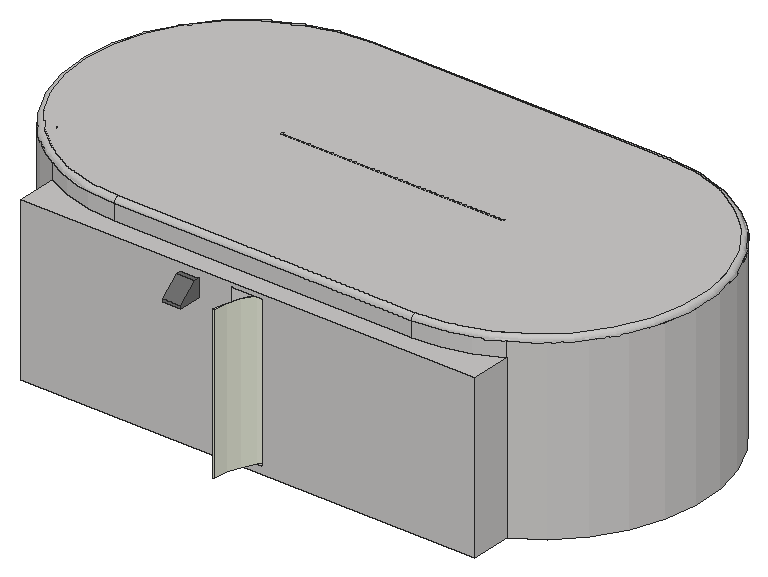
Revit family "Toilet_Tissue_Dispenser-Bradley_Corp-5425", category Specialty Equipment, host Face, Revit 2012
Parameters (values of type "5425")
  Width = 20.563"
  Warranty Information = "Complete Unit 1 Year Warranty. This Warranty does not cover installation or any other labor charges and does not apply to any units which have been damaged by abuse, improper installation, imporper maintanence, or altered in any way."
  Version = "2.0"
  Unit Material = Metal - Bradley Corp - Stainless Steel - Satin
  URL = "http://www.bradleycorp.com/"
  Type Comments = ""
  Technical Data = "n/a"
  Specifications URL = "http://www.bradleycorp.com/3partspec"
  Product Tech Data URL - Spanish = "http://bradleycorp.com/download/335/8556es.pdf"
  Product Tech Data URL - French = "http://bradleycorp.com/download/336/8556fr.pdf"
  Product Tech Data URL - English = "http://bradleycorp.com/download/334/8556.pdf"
  Percentage of Recycled Content = 0
  Paper Product Visibility [instance] = yes
  OmniClass Table 23 Title = "Toilet Paper Dispensers"
  OmniClass Table 23 Number = "23.31.25.21"
  OmniClass Table 21 Title = "Toilet, Bath, and Laundry Accessories"
  OmniClass Table 21 Number = "21-03 10 90 40"
  Modeling Code = "n/a"
  Model = "5425"
  Material Note = "n/a"
  MasterFormat Title = "Toilet, Bath, and Laundry Accessories"
  MasterFormat Number = "10 28 00"
  Manufacturer = "Bradley Corporation"
  Low Emitting Material = no
  LEED Credit = ""
  Industry Standards = "n/a"
  Height = 11.375"
  Fire Rating = "n/a"
  Description = "Toilet Tissue Dispenser"
  Depth = 6.000"
  Default Elevation = 48.000"
  Copyright = "This Model is Property of Bradley Corporation"
  Complies to NAFTA = "n/a"
  Buy American Act = "To Be Determined"
  Assembly Code = "C1030200"
  ADA Compliant = "Yes"
Reference planes (in)
  plane 1 "Center (Front/Back)": y = 0
  plane 2: z = 0
  plane 3 "Center (Left/Right)": x = 0
  plane 4 "Top": y = 5.6875
  plane 5 "Left": x = -10.2815
  plane 6 "Right": x = 10.2815
  plane 7 "Bottom": y = -5.6875
  plane 8 "Front": z = 6
  plane 9 "Door Plane": z = 5.33326
Forms (in)
  Extrusion 1, solid, material "Metal - Bradley Corp - Stainless Steel - Satin" <- "Unit Material", detail levels fine
    sketch origin (0, 0, 0) x (1, 0, 0) y (0, 1, 0)
      loop
        line (-7.51658, -4.36187) -> (-7.51658, -5.6875) -> (7.51658, -5.6875) -> (7.51658, -4.36187)
        arc (7.51658, -4.36187) -> (10.11131, 1.66775) -> (4.92183, 5.6875) r 5.35967
        line (4.92183, 5.6875) -> (-4.92183, 5.6875)
        arc (-4.92183, 5.6875) -> (-10.11131, 1.66775) -> (-7.51658, -4.36187) r 5.35967
    from 0 to 6
  Sweep 2, void
    path origin (0, 0, 6) x (-1, 0, 0) y (0, -1, 0)
      loop
        arc (4.92183, -5.6875) -> (10.2815, -0.32783) -> (4.92183, 5.03184) r 5.35967
        line (4.92183, 5.03184) -> (-4.92183, 5.03184)
        arc (-4.92183, 5.03184) -> (-10.2815, -0.32783) -> (-4.92183, -5.6875) r 5.35967
        line (-4.92183, -5.6875) -> (4.92183, -5.6875)
    profile origin (0, 5.6875, 6) x (0, 1, 0) y (0, 0, 1)
      loop
        line (0, -0.16674) -> (0, -0.66674) -> (1.74678, -0.66674) -> (1.74678, 0.25) -> (-0.16674, 0.25) -> (-0.16674, 0)
        arc (-0.16674, 0) -> (-0.04884, -0.04884) -> (0, -0.16674) r 0.16674
  Extrusion 3, solid, material "Paper - Bradley Corp- White", visible <- "Paper Product Visibility", detail levels medium+fine
    sketch origin (-4.9, 0.32783, 6) x (-1, 0, 0) y (0, -1, 0)
      loop
        circle (0, 0) r 4.9
      loop
        circle (0, 0) r 0.75
    from -5.78654 to -0.16674
  Extrusion 4, void
    sketch origin (0, 0, 6) x (-1, 0, 0) y (0, -1, 0)
      loop
        arc (3.64345, -0.37783) -> (3.69345, -0.32783) -> (3.64345, -0.27783) r 0.05
        line (3.64345, -0.27783) -> (-3.64345, -0.27783)
        arc (-3.64345, -0.27783) -> (-3.69345, -0.32783) -> (-3.64345, -0.37783) r 0.05
        line (-3.64345, -0.37783) -> (3.64345, -0.37783)
    from -0.16674 to 0.25
  Extrusion 5, solid, material "Metal - Bradley Corp - Stainless Steel - Satin" <- "Unit Material", detail levels medium
    sketch origin (0, 0, 5.33326) x (-1, 0, 0) y (0, -1, 0)
      loop
        line (7.51658, 4.36187) -> (7.51658, 5.6875) -> (-7.51658, 5.6875) -> (-7.51658, 4.36187)
        arc (-7.51658, 4.36187) -> (-10.11131, -1.66775) -> (-4.92183, -5.6875) r 5.35967
        line (-4.92183, -5.6875) -> (4.92183, -5.6875)
        arc (4.92183, -5.6875) -> (10.11131, -1.66775) -> (7.51658, 4.36187) r 5.35967
    from -5.33326 to 0.66674
  Extrusion 6, solid, material "Metal - Bradley Corp - Stainless Steel - Satin" <- "Unit Material", detail levels coarse
    sketch origin (0, 0, 5.33326) x (-1, 0, 0) y (0, -1, 0)
      loop
        arc (4.92183, -5.6875) -> (10.11131, -1.66775) -> (7.51658, 4.36187) r 5.35967
        line (7.51658, 4.36187) -> (7.51658, 5.6875) -> (-7.51658, 5.6875) -> (-7.51658, 4.36187)
        arc (-7.51658, 4.36187) -> (-10.11131, -1.66775) -> (-4.92183, -5.6875) r 5.35967
        line (-4.92183, -5.6875) -> (4.92183, -5.6875)
    from -5.33326 to 0.66674
  Sweep 7, void
    path origin (0, 0, 6) x (-1, 0, 0) y (0, -1, 0)
      loop
        arc (8.61829, 3.55318) -> (6.91245, 4.64846) -> (4.92183, 5.03184) r 5.35967
        line (4.92183, 5.03184) -> (-4.92183, 5.03184)
        arc (-4.92183, 5.03184) -> (-6.91245, 4.64846) -> (-8.61829, 3.55318) r 5.35967
    profile origin (0, -5.03184, 6) x (0, 1, 0) y (0, 0, 1)
      loop
        line (0, 0.25) -> (-1.74678, 0.25) -> (-1.74678, -0.66674) -> (0, -0.66674) -> (0, 0.25)
  Extrusion 8, void
    sketch origin (0, 0, 6) x (-1, 0, 0) y (0, -1, 0)
      loop
        line (-4.92183, -5.4875) -> (4.92183, -5.4875)
        arc (4.92183, -5.4875) -> (10.0815, -0.32783) -> (4.92183, 4.83184) r 5.15967
        line (4.92183, 4.83184) -> (-4.92183, 4.83184)
        arc (-4.92183, 4.83184) -> (-10.0815, -0.32783) -> (-4.92183, -5.4875) r 5.15967
    from -5.78654 to -0.16674
  Extrusion 9, solid, material "Plastic - Bradley Corp - Polystyrene - Gray", detail levels fine
    sketch origin (0, 0, -0.25) x (0, 1, 0) y (0, 0, 1)
      loop
        line (-5.6875, 5.33326) -> (-5.85873, 5.33326) -> (-6.43326, 4.85117) -> (-6.43326, 4.74097) -> (-5.6875, 4.74097) -> (-5.6875, 5.33326)
    from -2.20743 to -1.60417
  Extrusion 10, void
    sketch origin (0, 0, 6) x (-1, 0, 0) y (0, -1, 0)
      loop
        line (1.52942, 6.28184) -> (0.52942, 6.28184) -> (-1.98205, 4.83184) -> (-0.98205, 4.83184) -> (1.52942, 6.28184)
    from -5.78654 to -0.79878
  Extrusion 11, solid, material "Paper - Bradley Corp- White", visible <- "Paper Product Visibility", detail levels fine
    sketch origin (0.4856, 0.19995, 6) x (-1, 0, 0) y (0, -1, 0)
      loop
        arc (-0.37639, 5.18152) -> (0.35691, 6.02298) -> (0.64357, 7.10168) r 2.46331
        line (0.64357, 7.10168) -> (0.58023, 7.10168)
        arc (0.58023, 7.10168) -> (0.31727, 6.03707) -> (-0.42175, 5.22687) r 2.22789
        line (-0.42175, 5.22687) -> (-0.37639, 5.18152)
    from -5.78654 to -0.79878
Cuts and joins
  Sweep 2, Extrusion 4, Extrusion 8, Extrusion 10 cuts Extrusion 1
  Sweep 7 cuts Extrusion 3
  Sweep 7 cuts Extrusion 5
Lines and regions (in)
  Masking region 1
    outline origin (0, 0, 6) x (-1, 0, 0) y (0, -1, 0)
      loop
        arc (4.92183, -5.6875) -> (10.11131, -1.66775) -> (7.51658, 4.36187) r 5.35967
        line (7.51658, 4.36187) -> (7.51658, 5.6875) -> (2.20743, 5.6875) -> (2.20743, 6.43326) -> (1.60417, 6.43326) -> (1.60417, 5.6875) -> (-7.51658, 5.6875) -> (-7.51658, 4.36187)
        arc (-7.51658, 4.36187) -> (-10.11131, -1.66775) -> (-4.92183, -5.6875) r 5.35967
        line (-4.92183, -5.6875) -> (4.92183, -5.6875)
  Masking region 2
    outline origin (0, 0, 0) x (1, 0, 0) y (0, 0, 1)
      loop
        arc (-10.11568, 6) -> (-10.23293, 5.95143) -> (-10.2815, 5.83418) r 0.16582
        line (-10.2815, 5.83418) -> (-10.2815, 0) -> (10.2815, 0) -> (10.2815, 5.83418)
        arc (10.2815, 5.83418) -> (10.23293, 5.95143) -> (10.11568, 6) r 0.16582
        line (10.11568, 6) -> (-10.11568, 6)
  Masking region 3
    outline origin (0, 0, 0) x (0, 1, 0) y (0, 0, 1)
      loop
        line (-5.6875, 0) -> (5.6875, 0) -> (5.6875, 5.84998)
        arc (5.6875, 5.84998) -> (5.63315, 5.9569) -> (5.52122, 6) r 0.16735
        line (5.52122, 6) -> (-4.87707, 6)
        arc (-4.87707, 6) -> (-4.98681, 5.94719) -> (-5.03184, 5.83403) r 0.16762
        line (-5.03184, 5.83403) -> (-5.03184, 5.33326) -> (-5.6875, 5.33326) -> (-5.6875, 5.20122) -> (-6.90173, 5.20122) -> (-6.90173, 0.21346) -> (-5.6875, 0.21346) -> (-5.6875, 0)
  model lines, detail levels medium+fine
    curve 1: arc (-4.92183, -3.75, 6) -> (-8.17681, -1.86215, 6) -> (-8.1545, 1.90062, 6) r 3.75
    curve 4: line (-4.92183, -3.75, 6) -> (4.92183, -3.75, 6)
    curve 5: arc (4.92183, 3.75, 6) -> (8.17681, 1.86215, 6) -> (8.1545, -1.90062, 6) r 3.75
    curve 8: line (4.92183, 3.75, 6) -> (-4.92183, 3.75, 6)
  model lines, detail levels fine
    curve 2: arc (-4.92183, -2.25, 6) -> (-6.87482, -1.11729, 6) -> (-6.86143, 1.14037, 6) r 2.25
    curve 3: line (-4.92183, -2.25, 6) -> (4.92183, -2.25, 6)
    curve 6: arc (4.92183, 2.25, 6) -> (6.87482, 1.11729, 6) -> (6.86143, -1.14037, 6) r 2.25
    curve 7: line (4.92183, 2.25, 6) -> (-4.92183, 2.25, 6)
    curve 9: line (4.92183, 5.6875, 5.33326) -> (-4.92183, 5.6875, 5.33326)
    curve 10: arc (-4.92183, 5.6875, 5.33326) -> (-10.2815, 0.32783, 5.33326) -> (-4.92183, -5.03184, 5.33326) r 5.35967
    curve 11: line (-4.92183, -5.03184, 5.33326) -> (4.92183, -5.03184, 5.33326)
    curve 12: arc (4.92183, -5.03184, 5.33326) -> (10.2815, 0.32783, 5.33326) -> (4.92183, 5.6875, 5.33326) r 5.35967
  symbolic lines, detail levels fine
    curve 13: line (-2.20743, -5.6875, 6) -> (-1.60417, -5.6875, 6)
  symbolic lines, detail levels medium+fine
    curve 14: line (0, -5.6875, 5.20122) -> (0, -5.6875, 0.21346)
    curve 15: line (0, -5.03184, 5.33326) -> (0, -4.36187, 5.33326)
    curve 16: line (0, -4.36187, 5.33326) -> (0, -4.36187, 0)
Dimensions and locks (in)
  "Height": plane 4 "Top" to plane 7 "Bottom"
  equal spacing: plane 6 "Right", plane 3 "Center (Left/Right)", plane 5 "Left"
  "Width": plane 6 "Right" to plane 5 "Left"
  "Depth": plane 8 "Front" to plane 2
  equal spacing: plane 4 "Top", plane 1 "Center (Front/Back)", plane 7 "Bottom"
  aligned and locked: host face to plane 2
  aligned and locked: level to host face
  aligned and locked: plane 8 "Front" to Extrusion 1
  aligned and locked: Extrusion 6 to plane 2
  aligned and locked: plane 8 "Front" to Extrusion 6
  aligned and locked: Masking region 1 sketch curve to Extrusion 6  (x5)
  aligned and locked: Masking region 1 sketch curve to Extrusion 9  (x3)
  aligned and locked: plane 5 "Left" to Masking region 2 sketch curve
  aligned and locked: Masking region 2 sketch curve to cut or joined group of Extrusion 1, Sweep 2, Extrusion 4, Extrusion 8, Extrusion 10
  aligned and locked: Masking region 2 sketch curve to plane 6 "Right"
  aligned and locked: Masking region 3 sketch curve to cut or joined group of Extrusion 5, Sweep 7  (x2)
  aligned and locked: Masking region 3 sketch curve to plane 4 "Top"
  aligned and locked: cut or joined group of Extrusion 5, Sweep 7 to Masking region 3 sketch curve
  aligned and locked: Masking region 3 sketch curve to Extrusion 11  (x3)
  aligned and locked: Masking region 3 sketch curve to cut or joined group of Extrusion 1, Sweep 2, Extrusion 4, Extrusion 8, Extrusion 10
  aligned and locked: Masking region 3 sketch curve to Masking region 3 sketch curve
Automatic sketch dimensions
  host sketch curve to host sketch curve = 24.35236"
  host sketch curve to host sketch curve = 14.38567"
  Extrusion 3 sketch curve to Extrusion 3 sketch curve = 0.000"  (x2)
  Extrusion 3 sketch curve to plane 1 "Center (Front/Back)" = 0.32783"
  Extrusion 3 sketch curve to plane 3 "Center (Left/Right)" = 4.900"
  Extrusion 1 sketch curve to plane 7 "Bottom" = 0.000"
  Extrusion 1 sketch curve to plane 4 "Top" = 0.000"
  plane 7 "Bottom" to Extrusion 1 sketch curve = 1.32563"  (x2)
  plane 3 "Center (Left/Right)" to Extrusion 1 sketch curve = 4.92183"
  Extrusion 1 sketch curve to plane 3 "Center (Left/Right)" = 4.92183"
  plane 5 "Left" to Extrusion 1 sketch curve = 2.76492"
  Extrusion 1 sketch curve to plane 6 "Right" = 2.76492"
  Sweep 2 sketch curve to plane 4 "Top" = 0.000"
  plane 3 "Center (Left/Right)" to Sweep 2 sketch curve = 4.92183"
  Sweep 2 sketch curve to plane 1 "Center (Front/Back)" = 0.32783"
  Sweep 2 sketch curve to plane 3 "Center (Left/Right)" = 4.92183"
  Sweep 2 sketch curve to plane 8 "Front" = 0.000"
  Sweep 2 sketch curve to profile plane = 0.000"
  Sweep 2 sketch curve to Sweep 2 sketch curve = 0.16674"
  plane 8 "Front" to Sweep 2 sketch curve = 0.250"
  Sweep 2 sketch curve to profile plane = 1.74678"
  Sweep 2 sketch curve to plane 8 "Front" = 0.66674"
  curve 9 to plane 4 "Top" = 0.000"
  plane 3 "Center (Left/Right)" to curve 9 = 4.92183"
  curve 10 to plane 3 "Center (Left/Right)" = 4.92183"
  curve 10 to plane 1 "Center (Front/Back)" = 0.32783"
  Extrusion 4 sketch curve to plane 1 "Center (Front/Back)" = 0.32783"
  Extrusion 4 sketch curve to plane 1 "Center (Front/Back)" = 0.27783"
  Extrusion 4 sketch curve to plane 3 "Center (Left/Right)" = 3.64345"
  plane 3 "Center (Left/Right)" to Extrusion 4 sketch curve = 3.64345"
  Extrusion 6 sketch curve to plane 7 "Bottom" = 0.000"
  Extrusion 6 sketch curve to plane 4 "Top" = 0.000"
  Extrusion 6 sketch curve to plane 6 "Right" = 2.76492"
  plane 3 "Center (Left/Right)" to Extrusion 6 sketch curve = 4.92183"
  Extrusion 6 sketch curve to plane 3 "Center (Left/Right)" = 4.92183"
  Extrusion 6 sketch curve to plane 1 "Center (Front/Back)" = 0.32783"  (x2)
  plane 5 "Left" to Extrusion 6 sketch curve = 2.76492"
  Extrusion 5 sketch curve to plane 7 "Bottom" = 0.000"
  Extrusion 5 sketch curve to plane 4 "Top" = 0.000"
  Extrusion 5 sketch curve to plane 6 "Right" = 2.76492"
  plane 3 "Center (Left/Right)" to Extrusion 5 sketch curve = 4.92183"
  Extrusion 5 sketch curve to plane 1 "Center (Front/Back)" = 0.32783"  (x2)
  plane 7 "Bottom" to Extrusion 5 sketch curve = 1.32563"
  plane 5 "Left" to Extrusion 5 sketch curve = 2.76492"
  plane 7 "Bottom" to Sweep 7 sketch curve = 0.65566"
  Sweep 7 sketch curve to Sweep 7 sketch curve = 3.69646"
  Sweep 7 sketch curve to plane 1 "Center (Front/Back)" = 0.32783"  (x2)
  Sweep 7 sketch curve to plane 6 "Right" = 1.66321"
  Sweep 7 sketch curve to plane 3 "Center (Left/Right)" = 4.92183"
  plane 5 "Left" to Sweep 7 sketch curve = 1.66321"
  Sweep 7 sketch curve to plane 8 "Front" = 0.66674"
  profile plane to Sweep 7 sketch curve = 1.74678"
  Sweep 7 sketch curve to profile plane = 0.000"
  plane 8 "Front" to Sweep 7 sketch curve = 0.250"
  Extrusion 8 sketch curve to plane 4 "Top" = 0.200"
  plane 3 "Center (Left/Right)" to Extrusion 8 sketch curve = 4.92183"
  Extrusion 8 sketch curve to plane 3 "Center (Left/Right)" = 4.92183"
  Extrusion 8 sketch curve to plane 1 "Center (Front/Back)" = 0.32783"
  Extrusion 9 sketch curve to plane 9 "Door Plane" = 0.250"
  Extrusion 9 sketch curve to plane 7 "Bottom" = 0.000"
  Extrusion 9 sketch curve to Extrusion 9 sketch curve = 0.17123"
  Extrusion 9 sketch curve to plane 7 "Bottom" = 0.74576"
  Extrusion 9 sketch curve to plane 9 "Door Plane" = 0.73209"
  Extrusion 9 sketch curve to Extrusion 9 sketch curve = 0.1102"
  plane 7 "Bottom" to Extrusion 10 sketch curve = 0.85566"
  plane 3 "Center (Left/Right)" to Extrusion 10 sketch curve = 1.98205"
  plane 3 "Center (Left/Right)" to Extrusion 10 sketch curve = 0.98205"
  Extrusion 10 sketch curve to plane 3 "Center (Left/Right)" = 0.52942"
  Extrusion 10 sketch curve to Extrusion 10 sketch curve = 1.000"
  Extrusion 10 sketch curve to plane 7 "Bottom" = 0.59434"
  plane 3 "Center (Left/Right)" to Extrusion 11 sketch curve = 2.30414"
  Extrusion 11 sketch curve to Extrusion 11 sketch curve = 0.17093"
  plane 3 "Center (Left/Right)" to Extrusion 11 sketch curve = 0.90735"
  Extrusion 11 sketch curve to Extrusion 11 sketch curve = 0.04536"  (x2)
  Extrusion 11 sketch curve to plane 3 "Center (Left/Right)" = 0.09463"
  Extrusion 11 sketch curve to Extrusion 11 sketch curve = 0.06334"
  plane 7 "Bottom" to Extrusion 11 sketch curve = 0.70594"
  Extrusion 11 sketch curve to Extrusion 11 sketch curve = 1.86031"
  Masking region 1 sketch curve to plane 7 "Bottom" = 0.000"
  curve 1 to curve 2 = 0.000"  (x2)
  curve 5 to curve 6 = 0.000"  (x2)
  plane 1 "Center (Front/Back)" to curve 6 = 0.000"
  curve 13 to plane 7 "Bottom" = 0.000"
  plane 1 "Center (Front/Back)" to curve 2 = 0.000"
  curve 5 to plane 6 "Right" = 2.127"
  curve 5 to curve 6 = 1.29307"
  curve 7 to plane 1 "Center (Front/Back)" = 2.250"
  curve 6 to curve 7 = 1.9396"
  curve 6 to curve 3 = 1.9396"
  curve 4 to curve 3 = 0.000"
  curve 13 to plane 3 "Center (Left/Right)" = 1.60417"
  curve 13 to curve 13 = 0.60326"
  curve 13 to curve 3 = 2.7144"
  curve 7 to curve 1 = 0.000"
  curve 8 to curve 7 = 0.000"
  curve 7 to curve 2 = 1.9396"
  curve 2 to curve 1 = 1.29307"
  curve 8 to curve 7 = 1.500"
  curve 1 to plane 1 "Center (Front/Back)" = 1.90062"
  curve 2 to plane 1 "Center (Front/Back)" = 1.14037"
  Masking region 2 sketch curve to plane 8 "Front" = 0.000"
  plane 5 "Left" to Masking region 2 sketch curve = 0.16582"
  Masking region 2 sketch curve to plane 6 "Right" = 0.16582"
  Masking region 3 sketch curve to plane 7 "Bottom" = 0.000"
  Masking region 3 sketch curve to plane 9 "Door Plane" = 0.000"
  Masking region 3 sketch curve to plane 8 "Front" = 0.16713"
  Masking region 3 sketch curve to Masking region 3 sketch curve = 0.01285"
  Masking region 3 sketch curve to plane 4 "Top" = 0.16645"
  Masking region 3 sketch curve to plane 4 "Top" = 0.16628"
  Masking region 3 sketch curve to Masking region 3 sketch curve = 0.16735"
  Masking region 3 sketch curve to Masking region 3 sketch curve = 0.15477"
  curve 14 to plane 7 "Bottom" = 0.000"
  curve 15 to plane 9 "Door Plane" = 0.000"
  curve 16 to level = 0.000"
  plane 7 "Bottom" to curve 15 = 0.65566"
  curve 15 to curve 16 = 0.66996"
  level to curve 14 = 0.21346"
  curve 14 to plane 9 "Door Plane" = 0.13204"
  radius of Extrusion 3 sketch curve = 4.900"
  radius of Extrusion 3 sketch curve = 0.750"
